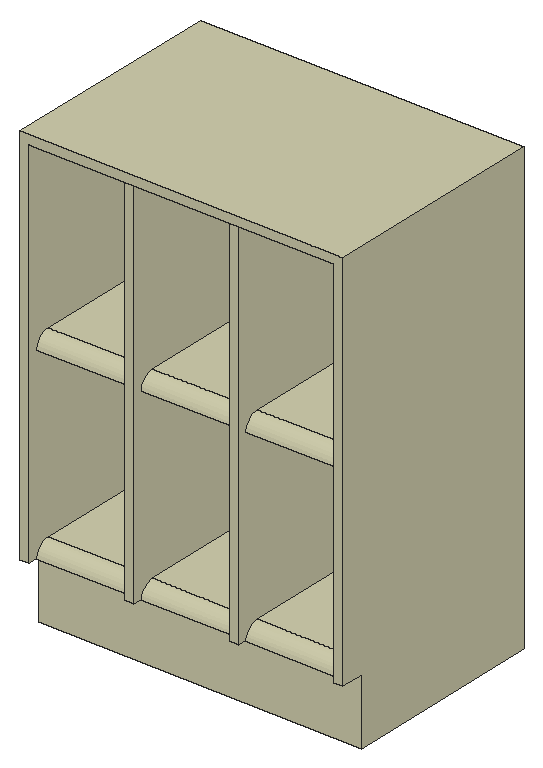
Revit family "Wenger Cabinet 51", category Furniture, Revit 2011
Parameters (values of type "Standard Cabinet #51")
  URL = "http://www.wengercorp.com/Home/Contact.html"
  Keynote = ""
  Cabinet Label = Labels : Standard
  Toekick Material [instance] = none
  RH End Panel [instance] = no
  Model = "51"
  Manufacturer = "Wenger Corporation"
  LH End Panel [instance] = no
  End Panel Material [instance] = none
  Edge Banding Material [instance] = none
  Door Material [instance] = none
  Description = "Standard Cabinet #51"
  Cabinet Width = 2' - 3 1/2"
  Cabinet Height = 3' - 2 5/16"
  Cabinet Depth = 1' - 7 1/4"
  Cabinet Back Thickness = 0' - 0 3/4"
  Assembly Code = ""
Types (4): name | Keynote | Cabinet Label | Model | Description | Cabinet Width | Cabinet Depth | Cabinet Back Thickness
  Standard Cabinet #51 | "" | Labels : Standard | "51" | "Standard Cabinet #51" | 2' - 3 1/2" | 1' - 7 1/4" | 0' - 0 3/4"
  Narrow Cabinet #51 | "" | Labels : Narrow | "51N" | "Narrow Cabinet #51" | 1' - 9 1/2" | 1' - 7 1/4" | 0' - 0 3/4"
  Acoustic Cabinet #51 | "Wenger Cabinets" | Labels : Acoustic | "51A" | "Acoustic Cabinet #51" | 2' - 3 1/2" | 1' - 9 3/4" | 0' - 3 1/4"
  Narrow Acoustic Cabinet #51 | "" | Labels : Narrow Acoustic | "51NA" | "Narrow Acoustic Cabinet #51" | 1' - 9 1/2" | 1' - 9 3/4" | 0' - 3 1/4"
Reference planes (in)
  plane 1 "Front": y = 0
  plane 2: z = 0
  plane 3 "Left": x = 0
  plane 4 "Right": x = 27.5
  plane 5 "Back": y = 19.25
  plane 6 "Top": z = 38.3125
  plane 7: z = 5.625
  plane 8: z = 21.59375
  plane 9: x = 0.75
  plane 10: x = 26.75
  plane 11: z = 37.5625
  plane 12: x = 8.91667
  plane 13: x = 9.66667
  plane 14: x = 17.83333
  plane 15: x = 18.58333
  plane 16: y = 18.5
  plane 17: y = 2
  plane 18: y = 0.75
  plane 19: z = 22.71875
  plane 20: z = 6.75
Forms (in)
  Extrusion 1, solid, material "Wenger - Oyster"
    sketch origin (0, 0, 0) x (0, 1, 0) y (0, 0, 1)
      loop
        line (0, 38.3125) -> (0, 5.625) -> (2, 5.625) -> (2, 0) -> (19.25, 0) -> (19.25, 38.3125) -> (0, 38.3125)
    from 0 to 27.5
  Extrusion 2, void
    sketch origin (0, 0, 0) x (0, 1, 0) y (0, 0, 1)
      loop
        line (-5.5, 37.5625) -> (-5.5, 5.625) -> (0.75, 5.625)
        arc (0.75, 5.625) -> (1.18296, 6.40088) -> (2, 6.75) r 1.375
        line (2, 6.75) -> (18.5, 6.75) -> (18.5, 21.59375) -> (0.75, 21.59375)
        arc (0.75, 21.59375) -> (1.18296, 22.36963) -> (2, 22.71875) r 1.375
        line (2, 22.71875) -> (18.5, 22.71875) -> (18.5, 37.5625) -> (-5.5, 37.5625)
    from 0.75 to 8.91667
  Extrusion 3, void
    sketch origin (0, 0, 0) x (0, 1, 0) y (0, 0, 1)
      loop
        line (-5.5, 37.5625) -> (-5.5, 5.625) -> (0.75, 5.625)
        arc (0.75, 5.625) -> (1.18296, 6.40088) -> (2, 6.75) r 1.375
        line (2, 6.75) -> (18.5, 6.75) -> (18.5, 21.59375) -> (0.75, 21.59375)
        arc (0.75, 21.59375) -> (1.18296, 22.36963) -> (2, 22.71875) r 1.375
        line (2, 22.71875) -> (18.5, 22.71875) -> (18.5, 37.5625) -> (-5.5, 37.5625)
    from 9.66667 to 17.83333
  Extrusion 4, void
    sketch origin (0, 0, 0) x (0, 1, 0) y (0, 0, 1)
      loop
        line (-5.5, 37.5625) -> (-5.5, 5.625) -> (0.75, 5.625)
        arc (0.75, 5.625) -> (1.18296, 6.40088) -> (2, 6.75) r 1.375
        line (2, 6.75) -> (18.5, 6.75) -> (18.5, 21.59375) -> (0.75, 21.59375)
        arc (0.75, 21.59375) -> (1.18296, 22.36963) -> (2, 22.71875) r 1.375
        line (2, 22.71875) -> (18.5, 22.71875) -> (18.5, 37.5625) -> (-5.5, 37.5625)
    from 18.58333 to 26.75
  Extrusion 5, void
    sketch origin (0, 0, 0) x (0, 1, 0) y (0, 0, 1)
      loop
        line (0, 37.5625) -> (0, 5.625) -> (0.0625, 5.625) -> (0.0625, 37.5625) -> (0, 37.5625)
    from 0.75 to 26.75
Cuts and joins
  Extrusion 2, Extrusion 3, Extrusion 4, Extrusion 5 cuts Extrusion 1
Lines and regions (in)
  symbolic lines
    curve 1: line (0, 19.25, 0) -> (27.5, 19.25, 0)
    curve 2: line (0, 0, 0) -> (0, 19.25, 0)
    curve 3: line (27.5, 0, 0) -> (0, 0, 0)
    curve 4: line (27.5, 19.25, 0) -> (27.5, 0, 0)
Dimensions and locks (in)
  locked: plane 3 "Left" to plane 9 at 0.75
  locked: plane 12 to plane 13 at 0.75
  locked: plane 14 to plane 15 at 0.75
  locked: plane 10 to plane 4 "Right" at 0.75
  "Cabinet Back Thickness": plane 5 "Back" to plane 16
  locked: plane 1 "Front" to plane 18 at 0.75
  locked: plane 1 "Front" to plane 17 at 2
  locked: plane 19 to plane 8 at 1.125
  locked: plane 6 "Top" to plane 11 at 0.75
  equal spacing: plane 11, plane 8, plane 7
  locked: plane 20 to plane 7 at 1.125
  equal spacing: plane 10, plane 14, plane 12, plane 3 "Left"
  "Cabinet Width": plane 3 "Left" to plane 4 "Right"
  locked: plane 7 to level at 5.625
  "Cabinet Height": plane 6 "Top" to level
  "Cabinet Depth": plane 1 "Front" to plane 5 "Back"
  plane 9 to plane 10 = 2' - 2"
  plane 11 to plane 7 = 2' - 7 15/16"
  aligned and locked: Extrusion 1 sketch curve to plane 6 "Top"
  aligned and locked: Extrusion 1 sketch curve to plane 5 "Back"
  aligned and locked: Extrusion 1 sketch curve to plane 1 "Front"
  aligned and locked: Extrusion 1 sketch curve to plane 7
  aligned and locked: Extrusion 1 sketch curve to plane 17
  aligned and locked: Extrusion 1 sketch curve to level
  aligned and locked: Extrusion 1 to plane 4 "Right"
  aligned and locked: Extrusion 1 to plane 3 "Left"
  aligned and locked: Extrusion 2 sketch curve to plane 11
  aligned and locked: Extrusion 2 sketch curve to plane 19
  aligned and locked: Extrusion 2 sketch curve to plane 8
  aligned and locked: Extrusion 2 sketch curve to plane 20
  aligned and locked: Extrusion 2 to plane 9
  aligned and locked: plane 12 to Extrusion 2
  aligned and locked: plane 14 to Extrusion 3
  aligned and locked: Extrusion 3 to plane 13
  aligned and locked: Extrusion 4 to plane 10
  aligned and locked: Extrusion 4 to plane 15
  aligned and locked: Extrusion 5 sketch curve to cut or joined group of Extrusion 1, Extrusion 2, Extrusion 3, Extrusion 4, Extrusion 5  (x3)
  aligned and locked: Extrusion 5 to plane 10
  aligned and locked: Extrusion 5 to plane 9
  aligned and locked: plane 3 "Left" to curve 2
  aligned and locked: curve 1 to plane 5 "Back"
  aligned and locked: plane 4 "Right" to curve 4
  aligned and locked: curve 3 to plane 1 "Front"
Automatic sketch dimensions
  Extrusion 2 sketch curve to plane 7 = 0' - 0"
  Extrusion 2 sketch curve to plane 18 = 0' - 0"  (x2)
  Extrusion 2 sketch curve to plane 17 = 0' - 0"  (x2)
  Extrusion 2 sketch curve to plane 16 = 0' - 0"  (x2)
  plane 1 "Front" to Extrusion 2 sketch curve = 0' - 5 1/2"
  Extrusion 2 sketch curve to plane 17 = 0' - 0.10279"  (x2)
  Extrusion 3 sketch curve to plane 11 = 0' - 0"
  Extrusion 3 sketch curve to plane 7 = 0' - 0"
  Extrusion 3 sketch curve to plane 18 = 0' - 0"  (x2)
  Extrusion 3 sketch curve to plane 8 = 0' - 0"
  Extrusion 3 sketch curve to plane 17 = 0' - 0"  (x2)
  Extrusion 3 sketch curve to plane 16 = 0' - 0"  (x2)
  Extrusion 3 sketch curve to plane 20 = 0' - 0"
  Extrusion 3 sketch curve to plane 19 = 0' - 0"
  plane 1 "Front" to Extrusion 3 sketch curve = 0' - 5 1/2"
  Extrusion 3 sketch curve to plane 17 = 0' - 0.10279"  (x2)
  Extrusion 4 sketch curve to plane 11 = 0' - 0"
  Extrusion 4 sketch curve to plane 7 = 0' - 0"
  Extrusion 4 sketch curve to plane 18 = 0' - 0"  (x2)
  Extrusion 4 sketch curve to plane 8 = 0' - 0"
  Extrusion 4 sketch curve to plane 17 = 0' - 0"  (x2)
  Extrusion 4 sketch curve to plane 16 = 0' - 0"  (x2)
  Extrusion 4 sketch curve to plane 20 = 0' - 0"
  Extrusion 4 sketch curve to plane 19 = 0' - 0"
  plane 1 "Front" to Extrusion 4 sketch curve = 0' - 5 1/2"
  Extrusion 4 sketch curve to plane 17 = 0' - 0.10279"  (x2)
  plane 18 to Extrusion 5 sketch curve = 0' - 0 11/16"
Nested families (in)
  nested 1: "LH End Panel" at (0, 4.25, 0) x (0, -1, 0) z (0, 0, 1), End Panel Material <- "End Panel Material", visible <- "LH End Panel", Edge Banding Material <- "Edge Banding Material", type "20x84 LH"
    with End Panel Material none, Edge Banding Material none, End Panel Height 3' - 2 5/16"
  nested 2: "RH End Panel" at (28.25, 4.25, 0) x (0, -1, 0) z (0, 0, 1), End Panel Material <- "End Panel Material", visible <- "RH End Panel", Edge Banding Material <- "Edge Banding Material", type "20x84 RH"
    with End Panel Material none, Edge Banding Material none, End Panel Height 3' - 2 5/16"
  nested 3: "Labels" at (11.01894, 8.85547, 0), type <- "Cabinet Label", type "Standard"
  nested 4: "Front Note" at (10.75915, 0.75, 0), type "Front Note", detail levels medium+fine
Definition of nested family "LH End Panel"
  Parameters (values of type "20x84 LH")
    End Panel Material [instance] = none
    End Panel Height = 7' - 1 5/8"
    End Panel Depth = 1' - 7 1/4"
    Edge Banding Material [instance] = none
    Default Elevation = 4' - 0"
    Assembly Code = ""
  Reference planes (in)
    plane 1 "Center (Front/Back)": y = 0
    plane 2: z = 0
    plane 3 "Center (Left/Right)": x = 0
    plane 4: x = -15
    plane 5: x = 4.25
    plane 6: z = 5.625
    plane 7: x = 2.25
    plane 8: z = 85.625
    plane 9: y = -0.75
  Forms (in)
    Extrusion 1, solid, material <- "End Panel Material"
      sketch origin (0, 0, 0) x (1, 0, 0) y (0, 0, 1)
        loop
          line (-15, 85.625) -> (-15, 0) -> (2.25, 0) -> (2.25, 5.625) -> (4.25, 5.625) -> (4.25, 85.625) -> (-15, 85.625)
      from 0 to 0.75
  Dimensions and locks (in)
    locked: plane 7 to plane 5 at 2
    locked: plane 6 to level at 5.625
    "End Panel Height": plane 8 to level
    "End Panel Depth": plane 5 to plane 4
    locked: plane 9 to plane 1 "Center (Front/Back)" at 0.75
    aligned and locked: plane 4 to Extrusion 1 sketch curve
    aligned and locked: level to Extrusion 1 sketch curve
    aligned and locked: plane 7 to Extrusion 1 sketch curve
    aligned and locked: plane 6 to Extrusion 1 sketch curve
    aligned and locked: Extrusion 1 sketch curve to plane 5
    aligned and locked: Extrusion 1 sketch curve to plane 8
    aligned and locked: Extrusion 1 to plane 9
    aligned and locked: Extrusion 1 to plane 1 "Center (Front/Back)"
Definition of nested family "RH End Panel"
  Parameters (values of type "20x84 RH")
    End Panel Material [instance] = none
    End Panel Height = 7' - 1 5/8"
    End Panel Depth = 1' - 7 1/4"
    Edge Banding Material [instance] = none
    Default Elevation = 4' - 0"
    Assembly Code = ""
  Reference planes (in)
    plane 1 "Center (Front/Back)": y = 0
    plane 2: z = 0
    plane 3 "Center (Left/Right)": x = 0
    plane 4: x = -15
    plane 5: x = 4.25
    plane 6: z = 5.625
    plane 7: x = 2.25
    plane 8: z = 85.625
    plane 9: y = -0.75
  Forms (in)
    Extrusion 1, solid, material <- "End Panel Material"
      sketch origin (0, 0, 0) x (1, 0, 0) y (0, 0, 1)
        loop
          line (-15, 85.625) -> (-15, 0) -> (2.25, 0) -> (2.25, 5.625) -> (4.25, 5.625) -> (4.25, 85.625) -> (-15, 85.625)
      from 0 to 0.75
  Dimensions and locks (in)
    locked: plane 7 to plane 5 at 2
    locked: plane 6 to level at 5.625
    "End Panel Height": plane 8 to level
    "End Panel Depth": plane 5 to plane 4
    locked: plane 9 to plane 1 "Center (Front/Back)" at 0.75
    aligned and locked: plane 4 to Extrusion 1 sketch curve
    aligned and locked: level to Extrusion 1 sketch curve
    aligned and locked: plane 7 to Extrusion 1 sketch curve
    aligned and locked: plane 6 to Extrusion 1 sketch curve
    aligned and locked: Extrusion 1 sketch curve to plane 5
    aligned and locked: Extrusion 1 sketch curve to plane 8
    aligned and locked: Extrusion 1 to plane 9
    aligned and locked: Extrusion 1 to plane 1 "Center (Front/Back)"
Definition of nested family "Labels"
  Parameters (values of type "Standard")
    Cabinet Label = "01"
  Types (4): name | Cabinet Label
    Standard | "01"
    Narrow | "01N"
    Narrow Acoustic | "01NA"
    Acoustic | "01A"
  Reference planes (in)
    plane 1: y = 0
    plane 2: x = 0
  Text (in)
    label "xxxx" at (-0.00018, 0.00754, 0), shows "Cabinet Label"
Definition of nested family "Front Note"
  Parameters (values of type "Front Note")
    Cabinet Label = "Front"
  Reference planes (in)
    plane 1: y = 0
    plane 2: x = 0
  Text (in)
    label "Front" at (-0.00018, 0.00754, 0), shows "Cabinet Label"
